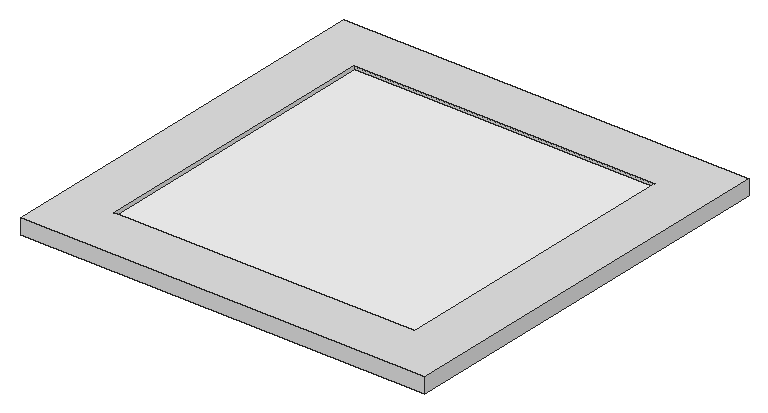
Revit family "LUXI_PANEL LIGHT_PW-E", category Apparecchi per illuminazione, host Superficie, Revit 2016
Family settings
  Host = Superficie
  Tipo di parte = Normale
  Quota connettore circolare = Usa diametro
  Numero OmniClass = 23.80.70.00
  Titolo OmniClass = Lighting
  Taglio con vuoti quando caricato = No
  Sorgente d'illuminazione = Sì
  Condiviso = No
  Punto di calcolo locali = Sì
Parameters (values of type "LPWE018330W830")
  Weight = 1.50 kg
  Wattage = 18 W
  built-in parameter 1150103 = 10.7714 W
  Warranty = "5 years"  # constant formula
  Variazione temperatura colore lampada con luminosità attenuata = <Nessuno>
  Uniclass 2015 description = "Lighting"  # constant formula
  Uniclass 2015 code = "EF_70_80"  # constant formula
  URL = "https://www.luxi.lighting/"
  built-in parameter 1150107 = 3000 (stored number, unit not read)
  Step MacAdam (SDCM) = "<4"  # constant formula
  Size = "295x295x11"
  Review = "3"  # constant formula
  Rendi la forma visibile nel rendering = no
  Rated supply voltage = "220-240V AC / 50-60 Hz"  # constant formula
  Protection class = "II"  # constant formula
  Prospetto di default = 2000 mm
  Produttore = "Luxi Illuminazione S.r.l."  # constant formula
  Power supply = "Included, not dimmable"  # constant formula
  Power factor = "≥0,95 (typ.)"  # constant formula
  Photobiological risk group = "RG0"  # constant formula
  built-in parameter 1150110 = 1 (stored number, unit not read)
  built-in parameter 1150109 = 1 (stored number, unit not read)
  built-in parameter 1114218 = 1 (stored number, unit not read)
  built-in parameter 1150112 = 1 (stored number, unit not read)
  Optics = "Opal diffusing panel"  # constant formula
  Operating temperature = "0°C / +40°C"  # constant formula
  OFF1 = 38 mm
  Modello = "PW-E Series | Panel Light"  # constant formula
  built-in parameter 1150137 = 1
  built-in parameter 1150132 = 2
  Material 3 = Sheet Steel
  Material 2 = Extruded Aluminum_White
  Material 1 = High Trasmittance Opal Technopolimer
  Masterformat 2016 description = "Lighting"  # constant formula
  Masterformat 2016 code = "26.50.00"  # constant formula
  Length = 295 mm
  Light source = "LED SMD"  # constant formula
  Light distribution = "Edge light"  # constant formula
  Lifetime = "L70B20 60.000h"  # constant formula
  Width = 295 mm
  built-in parameter 1150105 = 127.32 (stored number, unit not read)
  built-in parameter 1150102 = (empty or 0)
  Installation = "Recessed / ceiling / suspended"  # constant formula
  Impact rating = "IK07 (2 Joule)"  # constant formula
  built-in parameter 1150106 = 1.2732 (stored number, unit not read)
  IFCExportAs = "IFCLightFixtureType"  # constant formula
  H = 11 mm
  Lumens = 1600 lm
  Color Filter = 16777215
  File diagramma fotometrico = "LPWE018330W830 Luxi Serie PW-E 18W 295x295 3000K.IES"
  built-in parameter 1114217 = 1 (stored number, unit not read)
  built-in parameter 1150139 = (empty or 0)
  Energy class = "A++"  # constant formula
  Emit from Rectangle Length = Length - (2 * OFF1)  # 219 mm
  Emit from Rectangle Width = Width - (2 * OFF1)  # 219 mm
  built-in parameter 1150104 = 13.8 (stored number, unit not read)
  Dust and water protection rating = "IP20, IP 40 (front)"  # constant formula
  built-in parameter 1150115 = 1 (stored number, unit not read)
  built-in parameter 1150114 = 1 (stored number, unit not read)
  built-in parameter 1150113 = 1 (stored number, unit not read)
  Dimming = "1-10V / DALI / PUSH DIM"  # constant formula
  Descrizione = "LED panel"  # constant formula
  built-in parameter 1150134 = (empty or 0)
  built-in parameter 1150138 = (empty or 0)
  Color = "White"  # constant formula
  Code = "LPWE018330W830"
  Certifications = "CE / RohS"  # constant formula
  Ceiling distance [instance] = 0 mm
  Carico apparente = Wattage  # 18 VA
  CRI = "≥80 (typ.)"  # constant formula
  Tilt Angle = -90.00°
  built-in parameter 1150133 = 10 (stored number, unit not read)
Types (11, lengths in mm): name | Weight | Wattage | built-in parameter 1150103 | built-in parameter 1150107 | Size | Length | Width | built-in parameter 1150105 | built-in parameter 1150106 | Lumens | File diagramma fotometrico | Emit from Rectangle Length | Emit from Rectangle Width | built-in parameter 1150134 | Code | Carico apparente
  (no name) | 1.50 kg | 18 W | 10.7714 W | 3000 (stored number, unit not read) | "295x295x11" | 295 | 295 | 127.32 (stored number, unit not read) | 1.2732 (stored number, unit not read) | 1600 lm | "LPWE018330W830 Luxi Serie PW-E 18W 295x295 3000K.IES" | 219 | 219 | (empty or 0) | "LPWE018330W830" | 18 VA
  LPWE018330W830 | 1.50 kg | 18 W | 10.7714 W | 3000 (stored number, unit not read) | "295x295x11" | 295 | 295 | 127.32 (stored number, unit not read) | 1.2732 (stored number, unit not read) | 1600 lm | "LPWE018330W830 Luxi Serie PW-E 18W 295x295 3000K.IES" | 219 | 219 | (empty or 0) | "LPWE018330W830" | 18 VA
  LPWE018330W840 | 1.50 kg | 18 W | 11.108 W | 4000 (stored number, unit not read) | "295x295x11" | 295 | 295 | 568.29 (stored number, unit not read) | 5.6829 (stored number, unit not read) | 1650 lm | "LPWE018330W840 Luxi Serie PW-E 18W 295x295 4000K.IES" | 219 | 219 | 12 | "LPWE018330W840" | 18 VA
  LPWE022360W830 | 2.00 kg | 22 W | 12.791 W | 3000 (stored number, unit not read) | "295x595x11" | 595 | 295 | 654.39 (stored number, unit not read) | 6.5439 (stored number, unit not read) | 1900 lm | "LPWE022360W830 Luxi Serie PW-E 22W 295x595 3000K.IES" | 519 | 219 | (empty or 0) | "LPWE022360W830" | 22 VA
  LPWE022360W840 | 2.00 kg | 22 W | 13.1276 W | 4000 (stored number, unit not read) | "295x595x11" | 595 | 295 | 671.62 (stored number, unit not read) | 6.7162 (stored number, unit not read) | 1950 lm | "LPWE022360W840 Luxi Serie PW-E 22W 295x595 4000K.IES" | 519 | 219 | 12 | "LPWE022360W840" | 22 VA
  LPWE036660W830 | 3.60 kg | 36 W | 22.2159 W | 3000 (stored number, unit not read) | "595x595x11" | 595 | 595 | 1136.6 (stored number, unit not read) | 11.366 (stored number, unit not read) | 3300 lm | "LPWE036660W830 Luxi Serie PW-E 36W 595x595 3000K.IES" | 519 | 519 | (empty or 0) | "LPWE036660W830" | 36 VA
  LPWE036660W840 | 3.60 kg | 36 W | 23.5624 W | 4000 (stored number, unit not read) | "595x595x11" | 595 | 595 | 1213.4 (stored number, unit not read) | 12.134 (stored number, unit not read) | 3500 lm | "LPWE036660W840 Luxi Serie PW-E 36W 595x595 4000K.IES" | 519 | 519 | 12 | "LPWE036660W840" | 36 VA
  LPWE036312W830 | 3.80 kg | 36 W | 22.2159 W | 3000 (stored number, unit not read) | "295x1195x11" | 1195 | 295 | 1144.1 (stored number, unit not read) | 11.441 (stored number, unit not read) | 3300 lm | "LPWE036312W830 Luxi Serie PW-E 36W 295x1195 3000K.IES" | 1119 | 219 | (empty or 0) | "LPWE036312W830" | 36 VA
  LPWE036312W840 | 3.80 kg | 36 W | 23.5624 W | 4000 (stored number, unit not read) | "295x1195x11" | 1195 | 295 | 1213.4 (stored number, unit not read) | 12.134 (stored number, unit not read) | 3500 lm | "LPWE036312W840 Luxi Serie PW-E 36W 295x1195 4000K.IES" | 1119 | 219 | 12 | "LPWE036312W840" | 36 VA
  LPWE060612W830 | 7.40 kg | 60 W | 37.6998 W | 3000 (stored number, unit not read) | "595x1195x11" | 1195 | 595 | 1941.5 (stored number, unit not read) | 19.415 (stored number, unit not read) | 5600 lm | "LPWE060612W830 Luxi Serie PW-E 60W 595x1195 3000K.IES" | 1119 | 519 | (empty or 0) | "LPWE060612W830" | 60 VA
  LPWE060612W840 | 7.40 kg | 60 W | 39.0462 W | 4000 (stored number, unit not read) | "595x1195x11" | 1195 | 595 | 2010.9 (stored number, unit not read) | 20.109 (stored number, unit not read) | 5800 lm | "LPWE060612W840 Luxi Serie PW-E 60W 595x1195 4000K.IES" | 1119 | 519 | 12 | "LPWE060612W840" | 60 VA
Reference planes
  plane 1 "Centro (Fronte/Retro)": y = 0
  plane 2: z = 0
  plane 3 "Centro (Sinistra/Destra)": x = 0
  plane 4: y = 147.5
  plane 5: y = -147.5
  plane 6: x = 147.5
  plane 7: x = -147.5
  plane 8: y = 109.5
  plane 9: y = -109.5
  plane 10: x = 109.5
  plane 11: x = -109.5
  plane 12: z = 11
  plane 13: z = 0
  plane 14: z = 9
  plane 15: z = 1
Forms (mm)
  Extrusion 1, solid, material "Extruded Aluminum_White" <- "Material 2"
    sketch origin (0, 0, 0) x (1, 0, 0) y (0, 1, 0)
      loop
        line (-147.5, 147.5) -> (-147.5, -147.5) -> (147.5, -147.5) -> (147.5, 147.5) -> (-147.5, 147.5)
      loop
        line (-109.5, 109.5) -> (-109.5, -109.5) -> (109.5, -109.5) -> (109.5, 109.5) -> (-109.5, 109.5)
    from 0 to 11
  Extrusion 2, solid, material "High Trasmittance Opal Technopolimer" <- "Material 1"
    sketch origin (0, 0, 0) x (1, 0, 0) y (0, 1, 0)
      loop
        line (-109.5, 109.5) -> (-109.5, -109.5) -> (109.5, -109.5) -> (109.5, 109.5) -> (-109.5, 109.5)
    from 1 to 9
  Extrusion 3, solid, material "Extruded Aluminum_White" <- "Material 2"
    sketch origin (0, 0, 0) x (1, 0, 0) y (0, 1, 0)
      loop
        line (-147.5, 147.5) -> (-147.5, -147.5) -> (147.5, -147.5) -> (147.5, 147.5) -> (-147.5, 147.5)
    from 0 to 1
Cuts and joins
  joined: Extrusion 1, Extrusion 3
Dimensions and locks
  equal spacing: plane 7, plane 3 "Centro (Sinistra/Destra)", plane 6
  equal spacing: plane 5, plane 1 "Centro (Fronte/Retro)", plane 4
  "Length": plane 7 to plane 6
  "Width": plane 5 to plane 4
  "OFF1": plane 7 to plane 11
  "OFF1": plane 10 to plane 6
  "OFF1": plane 8 to plane 4
  "OFF1": plane 9 to plane 5
  "H": plane 12 to plane 13
  "Ceiling distance": plane 13 to host face
  locked: plane 12 to plane 14 at 2
  locked: plane 15 to plane 13 at 1
  aligned and locked: plane 2 to host face
  aligned and locked: level to host face
  aligned and locked: Extrusion 1 to plane 13
  aligned and locked: plane 12 to Extrusion 1
  aligned and locked: plane 14 to Extrusion 2
  aligned and locked: plane 12 to imposter light
  aligned and locked: Extrusion 2 to plane 15
  aligned and locked: Extrusion 3 to Extrusion 1
  aligned and locked: Extrusion 3 to Extrusion 2
Automatic sketch dimensions
  host sketch curve to host sketch curve = 2438.4 mm  (x2)
  Extrusion 1 sketch curve to plane 5 = 0 mm
  Extrusion 1 sketch curve to plane 7 = 0 mm
  plane 8 to Extrusion 1 sketch curve = 0 mm
  Extrusion 1 sketch curve to plane 9 = 0 mm
  Extrusion 1 sketch curve to plane 11 = 0 mm
  Extrusion 1 sketch curve to plane 10 = 0 mm
  plane 4 to Extrusion 1 sketch curve = 0 mm
  Extrusion 1 sketch curve to plane 6 = 0 mm
  plane 8 to Extrusion 2 sketch curve = 0 mm
  Extrusion 2 sketch curve to plane 11 = 0 mm
  Extrusion 2 sketch curve to plane 10 = 0 mm
  Extrusion 2 sketch curve to plane 9 = 0 mm
  Extrusion 3 sketch curve to plane 7 = 0 mm
  plane 4 to Extrusion 3 sketch curve = 0 mm
  Extrusion 3 sketch curve to plane 6 = 0 mm
  Extrusion 3 sketch curve to plane 5 = 0 mm
Nested families
  nested 1: "PanelDET" at (0, 0, 0), Largh <- "Width", Lungh <- "Length", Off1 <- "OFF1", type "PanelDET"
    with Off1 38 mm, Lungh 295 mm, Largh 295 mm
Connectors
  electrical at (0, 0, 0), driven by "Wattage"
    settings: on cut or joined group of Extrusion 1, Extrusion 3, index 1, voltage 230 V, apparent load 0 VA, apparent load phase1 18 VA, apparent load phase2 0 VA, apparent load phase3 0 VA, power factor 1, load classification "Altro", number of poles 1, system type 31, power factor state 1, is connector primary yes, connector utility no, sub classification motor no, connector description ""
Definition of nested family "PanelDET"
  Parameters (values of type "PanelDET")
    Off1 [instance] = 93.635 mm
    Lungh [instance] = 1078.827 mm
    Largh [instance] = 899.656 mm
  Reference planes
    plane 1 "Centro (Fronte/Retro)": y = 0
    plane 2: z = 0
    plane 3 "Centro (Sinistra/Destra)": x = 0
  Lines and regions (mm)
    detail lines, in view "Livello rif."
      curve 1: line (-539.414, 449.828, 0) -> (539.414, 449.828, 0)
      curve 2: line (-539.414, -449.828, 0) -> (-539.414, 449.828, 0)
      curve 3: line (539.414, -449.828, 0) -> (-539.414, -449.828, 0)
      curve 4: line (539.414, 449.828, 0) -> (539.414, -449.828, 0)
      curve 5: line (-445.779, 356.193, 0) -> (445.779, 356.193, 0)
      curve 6: line (-445.779, -356.193, 0) -> (-445.779, 356.193, 0)
      curve 7: line (445.779, -356.193, 0) -> (-445.779, -356.193, 0)
      curve 8: line (445.779, 356.193, 0) -> (445.779, -356.193, 0)
  Dimensions and locks
    equal spacing: curve 2, plane 3 "Centro (Sinistra/Destra)", curve 4
    equal spacing: curve 3, plane 1 "Centro (Fronte/Retro)", curve 1
    equal spacing: curve 7, plane 1 "Centro (Fronte/Retro)", curve 5
    equal spacing: curve 6, plane 3 "Centro (Sinistra/Destra)", curve 8
    "Lungh": curve 2 to curve 4
    "Largh": curve 1 to curve 3
    "Off1": curve 5 to curve 1
    "Off1": curve 8 to curve 4
